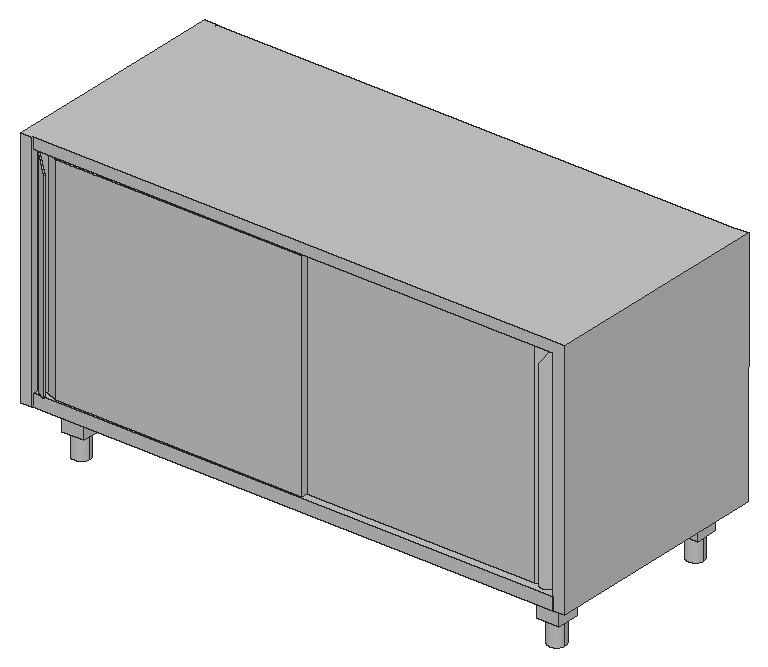
Revit family "QF_ELECTROLUXPROFESSIONAL_121927_TE2S16DA", category Attrezzature speciali, Revit 2020
Family settings
  Quota connettore circolare = Usa diametro
  Tipo di parte = Normale
  Basato su piano di lavoro = No
  Sempre verticale = Sì
  Taglio con vuoti quando caricato = No
  Condiviso = No
  Punto di calcolo locali = No
Parameters (values of type "Standard")
  Weight = 116.00 kg
  Watts = 0 W
  Volts = 0 V
  URL Manufacturer = "https://www.electroluxprofessional.com/"
  URL = "https://www.electroluxprofessional.com/"
  Steam Supply Size = 0 mm
  Steam Supply Minimum Pressure = 0.0 Pa
  Steam Supply Maximum Pressure = 0.0 Pa
  Steam Consumption per Hour = 0
  Refrigeration Suction Line Size = 0.0 mm
  Refrigeration Liquid Line Size = 0.0 mm
  Refrigerant Compressor Remote = yes
  Prospetto di default = 0.0 mm
  Phase = 0
  Modello = "TE2S16DA"
  Produttore = "Electrolux Professional"
  Length Actual = 1600.0 mm  # constant formula
  Item Number = "121927"
  Hot Water Size = 0 mm
  Height Actual = 860.0 mm  # constant formula
  HP = "0 HP"
  Gas Size = 0 mm
  Gas KW = 0
  Gas Input Pressure = 0 W
  Direct Waste Size = 0 mm
  Descrizione = "AMBIENT UNIT PASSTH.2+2 SLIDING D.1600MM"
  Depth Actual = 680.0 mm  # constant formula
  Cycle = 0 Hz
  Condensate Return Size = 0 mm
  Compressed Air Volume = 0.0 L/s
  Compressed Air Size = 0 mm
  Compressed Air Pressure = 0.0 Pa
  Cold Water Size = 0 mm
  Accessory = yes
Reference planes
  plane 1 "Center (Front/Back)": y = 0
  plane 2: z = 0
  plane 3 "Center (Left/Right)": x = -300
  plane 4 "LEFT": x = -1100
  plane 5 "RIGHT": x = 500
  plane 6 "BACK": y = 340
  plane 7 "FRONT": y = -340
  plane 8 "Base": z = 860
  plane 9 "TOP": z = 900
  plane 10: x = -1000
  plane 11: x = 400
  plane 12: y = 270
  plane 13: y = -240
  plane 14 "FEET": z = 150
  plane 15: x = -1066
  plane 16: y = -337
  plane 17: y = 337
  plane 18: x = 466
  plane 19: x = -326.5
  plane 20: x = -273.5
Forms (mm)
  Extrusion 1, solid, material "QF_Finishes_Stainless Steel"
    sketch origin (0, 0, 150) x (-1, 0, 0) y (0, -1, 0)
      loop
        line (1100, -340) -> (1100, 340) -> (1066, 340) -> (1066, -340) -> (1100, -340)
      loop
        line (-466, -340) -> (-466, 337) -> (-500, 337) -> (-500, -340) -> (-466, -340)
    from 0 to 710
  Extrusion 2, solid, material "QF_Finishes_Stainless Steel"
    sketch origin (0, 0, 150) x (-1, 0, 0) y (0, -1, 0)
      loop
        line (1066, -337) -> (1066, 337) -> (-466, 337) -> (-466, -337) -> (1066, -337)
    from 0 to 35
  Extrusion 3, solid, material "QF_Finishes_Stainless Steel"
    sketch origin (0, 0, 0) x (1, 0, 0) y (0, 1, 0)
      loop
        line (-1066, -337) -> (466, -337) -> (466, 337) -> (-1066, 337) -> (-1066, -337)
    from 830 to 860
  Extrusion 4, solid, material "QF_Finishes_Stainless Steel"
    sketch origin (0, -340, 0) x (-1, 0, 0) y (0, 0, 1)
      loop
        line (301, 185) -> (301, 187) -> (299, 187) -> (299, 185) -> (301, 185)
    from 45 to 43
  Extrusion 5, solid, material "QF_Finishes_Stainless Steel"
    sketch origin (0, 0, 150) x (-1, 0, 0) y (0, -1, 0)
      loop
        line (326.5, 317) -> (-398, 317) -> (-433, 302) -> (-463, 302) -> (-463, 297) -> (326.5, 297) -> (326.5, 317)
    from 675 to 40
  Extrusion 6, solid, material "QF_Finishes_Stainless Steel"
    sketch origin (0, 0, 150) x (-1, 0, 0) y (0, -1, 0)
      loop
        line (-421, 331) -> (-449, 316) -> (-463, 302) -> (-460.172, 302) -> (-447.795, 314.377) -> (-420.056, 329.237) -> (-421, 331)
    from 675 to 40
  Extrusion 7, solid, material "QF_Finishes_Stainless Steel"
    sketch origin (0, 0, 150) x (-1, 0, 0) y (0, -1, 0)
      loop
        line (273.5, 337) -> (273.5, 317) -> (1063, 317) -> (1063, 322) -> (1033, 322) -> (998, 337) -> (273.5, 337)
    from 675 to 40
  Extrusion 8, solid, material "QF_Finishes_Stainless Steel"
    sketch origin (0, 0, 150) x (-1, 0, 0) y (0, -1, 0)
      loop
        line (1021, 351) -> (1020.056, 349.237) -> (1047.795, 334.377) -> (1060.172, 322) -> (1063, 322) -> (1049, 336) -> (1021, 351)
    from 675 to 40
  Extrusion 9, solid, material "QF_Finishes_Stainless Steel"
    sketch origin (0, 340, 0) x (-1, 0, 0) y (0, 0, -1)
      loop
        line (301, -185) -> (299, -185) -> (299, -187) -> (301, -187) -> (301, -185)
    from 45 to 43
  Extrusion 10, solid, material "QF_Finishes_Stainless Steel"
    sketch origin (0, 0, 150) x (-1, 0, 0) y (0, -1, 0)
      loop
        line (326.5, -317) -> (326.5, -297) -> (-463, -297) -> (-463, -302) -> (-433, -302) -> (-398, -317) -> (326.5, -317)
    from 675 to 40
  Extrusion 11, solid, material "QF_Finishes_Stainless Steel"
    sketch origin (0, 0, 150) x (-1, 0, 0) y (0, -1, 0)
      loop
        line (-421, -331) -> (-420.056, -329.237) -> (-447.795, -314.377) -> (-460.172, -302) -> (-463, -302) -> (-449, -316) -> (-421, -331)
    from 675 to 40
  Extrusion 12, solid, material "QF_Finishes_Stainless Steel"
    sketch origin (0, 0, 150) x (-1, 0, 0) y (0, -1, 0)
      loop
        line (273.5, -337) -> (998, -337) -> (1033, -322) -> (1063, -322) -> (1063, -317) -> (273.5, -317) -> (273.5, -337)
    from 675 to 40
  Extrusion 13, solid, material "QF_Finishes_Stainless Steel"
    sketch origin (0, 0, 150) x (-1, 0, 0) y (0, -1, 0)
      loop
        line (1021, -351) -> (1049, -336) -> (1063, -322) -> (1060.172, -322) -> (1047.795, -334.377) -> (1020.056, -349.237) -> (1021, -351)
    from 675 to 40
  Extrusion 14, void
    sketch origin (-318.5, -342.5, 2435) x (-1, 0, 0) y (0, 0, 1)
      loop
        line (697, -1610) -> (697, -1661.75) -> (731.5, -1610) -> (697, -1610)
      loop
        line (701.556, -2245) -> (711.556, -2245)
        arc (711.556, -2245) -> (704.484, -2242.071) -> (701.556, -2235) r 10
        line (701.556, -2235) -> (701.556, -2245)
    from -13.118 to 9.689
  Extrusion 15, void
    sketch origin (-481.5, -342.5, 2430) x (1, 0, 0) y (0, 0, -1)
      loop
        line (897, 1605) -> (931.5, 1605) -> (897, 1656.75) -> (897, 1605)
      loop
        line (901.556, 2240) -> (901.556, 2230)
        arc (901.556, 2230) -> (904.484, 2237.071) -> (911.556, 2240) r 10
        line (911.556, 2240) -> (901.556, 2240)
    from 5.5 to 29.918
  Extrusion 16, void
    sketch origin (-318.5, 342.5, 2435) x (-1, 0, 0) y (0, 0, -1)
      loop
        line (697, 1610) -> (731.5, 1610) -> (697, 1661.75) -> (697, 1610)
      loop
        line (701.556, 2245) -> (701.556, 2235)
        arc (701.556, 2235) -> (704.484, 2242.071) -> (711.556, 2245) r 10
        line (711.556, 2245) -> (701.556, 2245)
    from -13.118 to 9.689
  Extrusion 17, void
    sketch origin (-481.5, 342.5, 2430) x (1, 0, 0) y (0, 0, 1)
      loop
        line (897, -1605) -> (897, -1656.75) -> (931.5, -1605) -> (897, -1605)
      loop
        line (901.556, -2240) -> (911.556, -2240)
        arc (911.556, -2240) -> (904.484, -2237.071) -> (901.556, -2230) r 10
        line (901.556, -2230) -> (901.556, -2240)
    from 5.5 to 29.918
Cuts and joins
  joined: Extrusion 1, Extrusion 3
  Extrusion 15 cuts Extrusion 6
  Extrusion 14 cuts Extrusion 8
  Extrusion 16 cuts Extrusion 13
  Extrusion 17 cuts Extrusion 11
Lines and regions (mm)
  symbolic lines, style "SpecialityEquipmentHiddenLines"
    curve 1: line (500, -340, 900) -> (500, 340, 900)
    curve 2: line (-1100, -344.5, 150) -> (-1100, 340, 150)
    curve 3: line (-1100, -340, 150) -> (-1066, -340, 150)
    curve 4: line (-1066, -340, 150) -> (-1066, -337, 150)
    curve 5: line (-1066, -337, 150) -> (466, -337, 150)
    curve 6: line (466, -337, 150) -> (466, -340, 150)
    curve 7: line (466, -340, 150) -> (500, -340, 150)
    curve 8: line (466, -340, 1600) -> (466, -337, 1600)
    curve 10: line (-1066, -337, 1600) -> (-1066, -340, 1600)
    curve 11: line (466, -297, 200) -> (-326.5, -297, 200)
    curve 12: line (-326.5, -297, 200) -> (-326.5, -317, 200)
    curve 13: line (399, -317, 200) -> (-1063, -317, 200)
    curve 17: line (-273.5, -317, 200) -> (-273.5, -337, 200)
    curve 18: line (398, -317, 1600) -> (433, -302, 1600)
    curve 19: line (433, -302, 1600) -> (463, -302, 1600)
    curve 20: line (463, -302, 1600) -> (463, -297, 1600)
    curve 21: line (420.958, -331.023, 1600) -> (448.999, -316.001, 1600)
    curve 22: line (448.999, -316.001, 1600) -> (463, -302, 1600)
    curve 23: line (460.172, -302, 1600) -> (447.795, -314.377, 1600)
    curve 24: line (447.795, -314.377, 1600) -> (419.992, -329.271, 1600)
    curve 25: line (419.992, -329.271, 1600) -> (420.958, -331.023, 1600)
    curve 26: line (-1063, -317, 1600) -> (-1063, -322, 1600)
    curve 27: line (-1063, -322, 1600) -> (-1049, -336, 1600)
    curve 28: line (-1049, -336, 1600) -> (-1047.133, -337, 1600)
    curve 29: line (-1042.884, -337, 1600) -> (-1047.955, -334.283, 1600)
    curve 30: line (-1047.955, -334.283, 1600) -> (-1060.239, -322, 1600)
    curve 31: line (-998, -337, 1600) -> (-1033, -322, 1600)
    curve 32: line (-1033, -322, 1600) -> (-1063, -322, 1600)
    curve 33: line (-1100, 340, 150) -> (-1066, 340, 150)
    curve 34: line (-1066, 340, 150) -> (-1066, 337, 150)
    curve 35: line (-1066, 337, 150) -> (466, 337, 150)
    curve 36: line (466, 337, 150) -> (466, 340, 150)
    curve 37: line (466, 340, 150) -> (500, 340, 150)
    curve 38: line (466, 340, 1600) -> (466, 337, 1600)
    curve 39: line (-1066, 337, 1600) -> (-1066, 340, 1600)
    curve 40: line (466, 297, 200) -> (-326.5, 297, 200)
    curve 41: line (-326.5, 297, 200) -> (-326.5, 317, 200)
    curve 42: line (399, 317, 200) -> (-1063, 317, 200)
    curve 43: line (-273.5, 317, 200) -> (-273.5, 337, 200)
    curve 44: line (398, 317, 1600) -> (433, 302, 1600)
    curve 45: line (433, 302, 1600) -> (463, 302, 1600)
    curve 46: line (463, 302, 1600) -> (463, 297, 1600)
    curve 47: line (420.958, 331.023, 1600) -> (448.999, 316.001, 1600)
    curve 48: line (448.999, 316.001, 1600) -> (463, 302, 1600)
    curve 49: line (460.172, 302, 1600) -> (447.795, 314.377, 1600)
    curve 50: line (447.795, 314.377, 1600) -> (419.992, 329.271, 1600)
    curve 51: line (419.992, 329.271, 1600) -> (420.958, 331.023, 1600)
    curve 52: line (-1063, 317, 1600) -> (-1063, 322, 1600)
    curve 53: line (-1063, 322, 1600) -> (-1049, 336, 1600)
    curve 54: line (-1049, 336, 1600) -> (-1047.133, 337, 1600)
    curve 55: line (-1042.884, 337, 1600) -> (-1047.955, 334.283, 1600)
    curve 56: line (-1047.955, 334.283, 1600) -> (-1060.239, 322, 1600)
    curve 57: line (-998, 337, 1600) -> (-1033, 322, 1600)
    curve 58: line (-1033, 322, 1600) -> (-1063, 322, 1600)
  symbolic lines, style "SpecialityEquipment"
    curve 9: line (466, -337, 1600) -> (-1066, -337, 1600)
    curve 14: line (-1047.133, -337, 1600) -> (-1020.985, -351.008, 1600)
    curve 15: line (-1020.985, -351.008, 1600) -> (-1020.038, -349.239, 1600)
    curve 16: line (-1042.884, -337, 1600) -> (-1020.038, -349.239, 1600)
Dimensions and locks
  plane 4 "LEFT" to plane 5 "RIGHT" = 1600.0 mm
  equal spacing: plane 4 "LEFT", plane 3 "Center (Left/Right)", plane 5 "RIGHT"
  plane 6 "BACK" to plane 7 "FRONT" = 680.0 mm
  equal spacing: plane 6 "BACK", plane 1 "Center (Front/Back)", plane 7 "FRONT"
  locked: plane 14 "FEET" to level at 150
  locked: plane 4 "LEFT" to plane 10 at 100
  locked: plane 11 to plane 5 "RIGHT" at 100
  locked: plane 4 "LEFT" to plane 15 at 34
  plane 16 to plane 7 "FRONT" = 3.0 mm
  locked: plane 6 "BACK" to plane 12 at 70
  locked: plane 13 to plane 7 "FRONT" at 100
  locked: plane 8 "Base" to level at 860
  locked: plane 9 "TOP" to level at 900
  locked: plane 18 to plane 5 "RIGHT" at 34
  locked: plane 19 to plane 20 at 53
  equal spacing: plane 19, plane 3 "Center (Left/Right)", plane 20
  plane 6 "BACK" to plane 17 = 3.0 mm
  aligned and locked: level to plane 2
  aligned and locked: plane 10 to nested 1
  aligned and locked: plane 11 to nested 2
  aligned and locked: nested 4 to plane 12
  aligned and locked: plane 10 to nested 3
  aligned and locked: nested 3 to plane 12
  aligned and locked: plane 8 "Base" to Extrusion 1
  aligned and locked: plane 6 "BACK" to Extrusion 1 sketch curve
  aligned and locked: Extrusion 1 sketch curve to plane 6 "BACK"
  aligned and locked: Extrusion 1 sketch curve to plane 7 "FRONT"
  aligned and locked: plane 15 to Extrusion 1
  aligned and locked: Extrusion 2 to plane 15
  aligned and locked: plane 8 "Base" to Extrusion 3
  aligned and locked: Extrusion 2 to plane 16
  aligned and locked: Extrusion 2 to plane 17
  aligned and locked: Extrusion 3 to plane 16
  aligned and locked: nested 1 to plane 13
  aligned and locked: nested 2 to plane 13
  aligned and locked: plane 18 to Extrusion 3
  aligned and locked: Extrusion 2 sketch curve to plane 18
  aligned and locked: cut or joined group of Extrusion 1, Extrusion 3 to plane 18
  aligned and locked: Extrusion 5 to plane 19
  aligned and locked: curve 12 to plane 19
  aligned and locked: plane 20 to Extrusion 7
  aligned and locked: curve 17 to plane 20
  aligned and locked: curve 6 to curve 8
  aligned and locked: plane 18 to curve 8
  aligned and locked: cut or joined group of Extrusion 1, Extrusion 3 to plane 17
  aligned and locked: curve 36 to curve 38
  aligned and locked: plane 11 to nested 4
Automatic sketch dimensions
  curve 1 to plane 5 "RIGHT" = 0.0 mm
  curve 1 to plane 7 "FRONT" = 0.0 mm
  curve 1 to plane 6 "BACK" = 0.0 mm
  Extrusion 1 sketch curve to plane 5 "RIGHT" = 0.0 mm
  Extrusion 1 sketch curve to plane 16 = 0.0 mm
  Extrusion 1 sketch curve to plane 18 = 0.0 mm
  Extrusion 1 sketch curve to plane 15 = 0.0 mm
  Extrusion 1 sketch curve to plane 4 "LEFT" = 0.0 mm
  Extrusion 2 sketch curve to plane 15 = 0.0 mm
  plane 17 to Extrusion 2 sketch curve = 0.0 mm
  Extrusion 2 sketch curve to plane 16 = 0.0 mm
  curve 7 to plane 5 "RIGHT" = 0.0 mm
  curve 37 to plane 5 "RIGHT" = 0.0 mm
  curve 5 to plane 15 = 0.0 mm
  curve 33 to plane 6 "BACK" = 0.0 mm
  curve 33 to plane 15 = 0.0 mm
  curve 2 to plane 4 "LEFT" = 0.0 mm
  curve 37 to plane 6 "BACK" = 0.0 mm
  plane 17 to curve 34 = 0.0 mm
  curve 4 to plane 16 = 0.0 mm
  curve 7 to plane 7 "FRONT" = 0.0 mm
  curve 4 to plane 7 "FRONT" = 0.0 mm
  curve 3 to curve 2 = 4.5 mm
  Extrusion 3 sketch curve to plane 15 = 0.0 mm
  plane 17 to Extrusion 3 sketch curve = 0.0 mm
  Extrusion 3 sketch curve to plane 18 = 0.0 mm
  Extrusion 3 sketch curve to plane 16 = 0.0 mm
  plane 3 "Center (Left/Right)" to Extrusion 4 sketch curve = 1.0 mm
  Extrusion 4 sketch curve to plane 3 "Center (Left/Right)" = 1.0 mm
  plane 14 "FEET" to Extrusion 4 sketch curve = 35.0 mm
  Extrusion 4 sketch curve to Extrusion 4 sketch curve = 2.0 mm
  Extrusion 5 sketch curve to plane 19 = 0.0 mm
  Extrusion 5 sketch curve to plane 11 = 2.0 mm
  plane 11 to Extrusion 5 sketch curve = 33.0 mm
  Extrusion 5 sketch curve to plane 18 = 3.0 mm
  plane 16 to Extrusion 5 sketch curve = 40.0 mm
  Extrusion 5 sketch curve to Extrusion 5 sketch curve = 5.0 mm
  Extrusion 5 sketch curve to Extrusion 5 sketch curve = 20.0 mm
  Extrusion 6 sketch curve to plane 18 = 3.0 mm
  Extrusion 6 sketch curve to Extrusion 6 sketch curve = 2.828 mm
  Extrusion 6 sketch curve to plane 18 = 17.0 mm
  Extrusion 6 sketch curve to Extrusion 6 sketch curve = 1.205 mm
  plane 16 to Extrusion 6 sketch curve = 6.0 mm
  plane 11 to Extrusion 6 sketch curve = 21.0 mm
  plane 16 to Extrusion 6 sketch curve = 7.763 mm
  Extrusion 6 sketch curve to Extrusion 6 sketch curve = 0.944 mm
  Extrusion 6 sketch curve to Extrusion 6 sketch curve = 12.377 mm
  Extrusion 7 sketch curve to plane 16 = 0.0 mm
  Extrusion 7 sketch curve to plane 20 = 0.0 mm
  plane 10 to Extrusion 7 sketch curve = 2.0 mm
  plane 16 to Extrusion 7 sketch curve = 15.0 mm
  Extrusion 7 sketch curve to plane 10 = 33.0 mm
  plane 15 to Extrusion 7 sketch curve = 3.0 mm
  Extrusion 7 sketch curve to Extrusion 7 sketch curve = 20.0 mm
  Extrusion 8 sketch curve to plane 10 = 20.056 mm
  Extrusion 8 sketch curve to plane 7 "FRONT" = 11.0 mm
  Extrusion 8 sketch curve to Extrusion 8 sketch curve = 0.944 mm
  plane 16 to Extrusion 8 sketch curve = 2.623 mm
  plane 15 to Extrusion 8 sketch curve = 18.205 mm
  plane 16 to Extrusion 8 sketch curve = 1.0 mm
  plane 15 to Extrusion 8 sketch curve = 5.828 mm
  Extrusion 8 sketch curve to Extrusion 8 sketch curve = 2.828 mm
  plane 16 to Extrusion 8 sketch curve = 15.0 mm
  plane 17 to curve 38 = 0.0 mm
  curve 38 to plane 18 = 0.0 mm
  plane 17 to curve 57 = 0.0 mm
  curve 31 to plane 16 = 0.0 mm
  plane 17 to curve 55 = 0.0 mm
  plane 17 to curve 54 = 0.0 mm
  curve 9 to plane 15 = 0.0 mm
  curve 39 to plane 15 = 0.0 mm
  curve 39 to plane 6 "BACK" = 0.0 mm
  curve 38 to plane 6 "BACK" = 0.0 mm
  plane 17 to curve 39 = 0.0 mm
  curve 8 to plane 7 "FRONT" = 0.0 mm
  curve 10 to plane 7 "FRONT" = 0.0 mm
  curve 22 to plane 18 = 3.0 mm
  curve 45 to plane 18 = 3.0 mm
  curve 47 to plane 18 = 17.001 mm
  curve 21 to plane 18 = 17.001 mm
  curve 21 to curve 24 = 1.204 mm
  curve 47 to curve 50 = 1.204 mm
  curve 23 to curve 19 = 14.795 mm
  curve 49 to curve 45 = 14.795 mm
  plane 16 to curve 25 = 5.977 mm
  plane 11 to curve 25 = 20.958 mm
  plane 17 to curve 47 = 5.977 mm
  plane 11 to curve 47 = 20.958 mm
  plane 17 to curve 50 = 7.729 mm
  curve 47 to curve 50 = 0.966 mm
  plane 16 to curve 24 = 7.729 mm
  curve 21 to curve 24 = 0.966 mm
  curve 16 to plane 7 "FRONT" = 9.239 mm
  curve 16 to plane 10 = 20.038 mm
  curve 14 to plane 7 "FRONT" = 11.008 mm
  curve 15 to curve 14 = 0.948 mm
  plane 16 to curve 31 = 15.0 mm
  curve 31 to curve 16 = 9.884 mm
  plane 17 to curve 57 = 15.0 mm
  curve 57 to plane 10 = 33.0 mm
  plane 17 to curve 56 = 2.717 mm
  plane 15 to curve 56 = 18.045 mm
  plane 16 to curve 29 = 2.717 mm
  curve 14 to curve 29 = 0.822 mm
  plane 16 to curve 27 = 1.0 mm
  curve 29 to curve 27 = 1.045 mm
  plane 17 to curve 54 = 1.0 mm
  curve 55 to curve 54 = 1.045 mm
  plane 15 to curve 53 = 3.0 mm
  plane 15 to curve 26 = 3.0 mm
  plane 17 to curve 47 = 20.999 mm
  curve 47 to curve 49 = 1.624 mm
  curve 49 to curve 48 = 12.377 mm
  curve 19 to curve 24 = 27.271 mm
  curve 23 to curve 23 = 12.377 mm
  curve 23 to curve 22 = 1.624 mm
  curve 45 to curve 49 = 2.828 mm
  curve 19 to curve 23 = 2.828 mm
  curve 18 to plane 11 = 2.0 mm
  curve 44 to plane 11 = 2.0 mm
  plane 10 to curve 57 = 2.0 mm
  plane 10 to curve 31 = 2.0 mm
  curve 55 to curve 55 = 5.071 mm
  curve 29 to curve 16 = 0.0 mm
  curve 54 to curve 53 = 1.867 mm
  curve 28 to curve 14 = 0.0 mm
  curve 56 to curve 52 = 2.761 mm
  curve 30 to curve 26 = 2.761 mm
  plane 17 to curve 44 = 20.0 mm
  curve 52 to curve 52 = 5.0 mm
  curve 45 to curve 46 = 5.0 mm
  curve 20 to curve 19 = 5.0 mm
  plane 16 to curve 18 = 20.0 mm
  curve 26 to curve 26 = 5.0 mm
  curve 11 to plane 18 = 0.0 mm
  curve 40 to plane 18 = 0.0 mm
  curve 43 to plane 20 = 0.0 mm
  curve 40 to plane 19 = 0.0 mm
  plane 17 to curve 43 = 0.0 mm
  curve 17 to plane 16 = 0.0 mm
  plane 12 to curve 41 = 27.0 mm
  plane 16 to curve 11 = 40.0 mm
  curve 13 to plane 11 = 1.0 mm
  curve 42 to plane 11 = 1.0 mm
  plane 15 to curve 13 = 3.0 mm
  plane 15 to curve 42 = 3.0 mm
  plane 17 to curve 42 = 20.0 mm
  curve 11 to curve 12 = 20.0 mm
  plane 3 "Center (Left/Right)" to Extrusion 9 sketch curve = 1.0 mm
  Extrusion 9 sketch curve to plane 3 "Center (Left/Right)" = 1.0 mm
  plane 14 "FEET" to Extrusion 9 sketch curve = 37.0 mm
  Extrusion 9 sketch curve to Extrusion 9 sketch curve = 2.0 mm
  Extrusion 10 sketch curve to plane 19 = 0.0 mm
  plane 11 to Extrusion 10 sketch curve = 2.0 mm
  Extrusion 10 sketch curve to plane 11 = 33.0 mm
  plane 18 to Extrusion 10 sketch curve = 3.0 mm
  Extrusion 10 sketch curve to plane 12 = 27.0 mm
  Extrusion 10 sketch curve to Extrusion 10 sketch curve = 5.0 mm
  Extrusion 10 sketch curve to Extrusion 10 sketch curve = 20.0 mm
  plane 18 to Extrusion 11 sketch curve = 3.0 mm
  Extrusion 11 sketch curve to Extrusion 11 sketch curve = 2.828 mm
  plane 18 to Extrusion 11 sketch curve = 17.0 mm
  Extrusion 11 sketch curve to Extrusion 11 sketch curve = 1.205 mm
  Extrusion 11 sketch curve to plane 17 = 6.0 mm
  Extrusion 11 sketch curve to plane 11 = 21.0 mm
  Extrusion 11 sketch curve to plane 17 = 7.763 mm
  Extrusion 11 sketch curve to Extrusion 11 sketch curve = 0.944 mm
  Extrusion 11 sketch curve to Extrusion 11 sketch curve = 12.377 mm
  plane 17 to Extrusion 12 sketch curve = 0.0 mm
  Extrusion 12 sketch curve to plane 20 = 0.0 mm
  Extrusion 12 sketch curve to plane 10 = 2.0 mm
  Extrusion 12 sketch curve to plane 17 = 15.0 mm
  plane 10 to Extrusion 12 sketch curve = 33.0 mm
  Extrusion 12 sketch curve to plane 15 = 3.0 mm
  Extrusion 12 sketch curve to Extrusion 12 sketch curve = 20.0 mm
  plane 10 to Extrusion 13 sketch curve = 20.056 mm
  Extrusion 13 sketch curve to plane 6 "BACK" = 11.0 mm
  Extrusion 13 sketch curve to Extrusion 13 sketch curve = 0.944 mm
  Extrusion 13 sketch curve to plane 17 = 2.623 mm
  Extrusion 13 sketch curve to plane 15 = 18.205 mm
  Extrusion 13 sketch curve to plane 17 = 1.0 mm
  Extrusion 13 sketch curve to plane 15 = 5.828 mm
  Extrusion 13 sketch curve to Extrusion 13 sketch curve = 2.828 mm
  Extrusion 13 sketch curve to plane 17 = 15.0 mm
  Extrusion 14 sketch curve to plane 10 = 15.5 mm
  Extrusion 14 sketch curve to plane 10 = 20.056 mm
  Extrusion 14 sketch curve to Extrusion 14 sketch curve = 10.0 mm
  plane 15 to Extrusion 14 sketch curve = 16.0 mm
  plane 14 "FEET" to Extrusion 14 sketch curve = 40.0 mm
  Extrusion 14 sketch curve to plane 8 "Base" = 86.75 mm
  Extrusion 14 sketch curve to plane 8 "Base" = 35.0 mm
  plane 11 to Extrusion 15 sketch curve = 15.5 mm
  plane 11 to Extrusion 15 sketch curve = 20.056 mm
  Extrusion 15 sketch curve to Extrusion 15 sketch curve = 10.0 mm
  Extrusion 15 sketch curve to plane 18 = 16.0 mm
  Extrusion 15 sketch curve to plane 8 "Base" = 35.0 mm
  Extrusion 15 sketch curve to Extrusion 15 sketch curve = 51.75 mm
  plane 14 "FEET" to Extrusion 15 sketch curve = 50.0 mm
  Extrusion 16 sketch curve to plane 10 = 15.5 mm
  Extrusion 16 sketch curve to plane 10 = 20.056 mm
  Extrusion 16 sketch curve to Extrusion 16 sketch curve = 10.0 mm
  plane 15 to Extrusion 16 sketch curve = 16.0 mm
  Extrusion 16 sketch curve to plane 8 "Base" = 35.0 mm
  Extrusion 16 sketch curve to Extrusion 16 sketch curve = 51.75 mm
  plane 14 "FEET" to Extrusion 16 sketch curve = 50.0 mm
  plane 11 to Extrusion 17 sketch curve = 15.5 mm
  plane 11 to Extrusion 17 sketch curve = 20.056 mm
  Extrusion 17 sketch curve to Extrusion 17 sketch curve = 10.0 mm
  Extrusion 17 sketch curve to plane 18 = 16.0 mm
  plane 14 "FEET" to Extrusion 17 sketch curve = 40.0 mm
  Extrusion 17 sketch curve to plane 8 "Base" = 86.75 mm
  Extrusion 17 sketch curve to plane 8 "Base" = 35.0 mm
Nested families
  nested 1: "FEET_L65-150" at (-1000, -240, 0), type "FEET_L65-150"
  nested 2: "FEET_L65-150" at (400, -240, 0), type "FEET_L65-150"
  nested 3: "FEET_L65-150" at (-1000, 270, 0), type "FEET_L65-150"
  nested 4: "FEET_L65-150" at (400, 270, 0), type "FEET_L65-150"
Definition of nested family "FEET_L65-150"
  Parameters
    Default Elevation = 0.0 mm
    FEET = 150.0 mm
  Reference planes
    plane 1 "Center (Front/Back)": y = 0
    plane 2: z = 0
    plane 3 "Center (Left/Right)": x = 0
    plane 4: z = 150
  Forms (mm)
    Extrusion 1, solid
      sketch origin (0, 0, 0) x (1, 0, 0) y (0, 1, 0)
        loop
          circle (0, 0) r 25
      from 0 to 67
    Extrusion 2, solid
      sketch origin (0, 0, 0) x (1, 0, 0) y (0, 1, 0)
        loop
          line (32.561, 32.5) -> (-32.439, 32.5) -> (-32.439, -32.5) -> (32.561, -32.5) -> (32.561, 32.5)
      from 67 to 150 <- "FEET"
  Lines and regions (mm)
    symbolic lines
      curve 1: line (0, -1.503, 0) -> (0, 1.508, 0)
      curve 2: line (1.561, 0, 0) -> (-1.439, 0, 0)
  Dimensions and locks
    "FEET": plane 4 to plane 2
    aligned and locked: level to plane 2
  Automatic sketch dimensions
    plane 1 "Center (Front/Back)" to Extrusion 1 sketch curve = 0.0 mm
    Extrusion 1 sketch curve to plane 3 "Center (Left/Right)" = 0.0 mm
    plane 1 "Center (Front/Back)" to curve 2 = 0.0 mm
    curve 1 to plane 3 "Center (Left/Right)" = 0.0 mm
    curve 2 to plane 3 "Center (Left/Right)" = 1.439 mm
    plane 3 "Center (Left/Right)" to curve 2 = 1.561 mm
    plane 1 "Center (Front/Back)" to curve 1 = 1.503 mm
    curve 1 to plane 1 "Center (Front/Back)" = 1.508 mm
    Extrusion 2 sketch curve to plane 1 "Center (Front/Back)" = 32.5 mm
    Extrusion 2 sketch curve to plane 3 "Center (Left/Right)" = 32.439 mm
    plane 3 "Center (Left/Right)" to Extrusion 2 sketch curve = 32.561 mm
    plane 1 "Center (Front/Back)" to Extrusion 2 sketch curve = 32.5 mm
    radius of Extrusion 1 sketch curve = 25.0 mm
